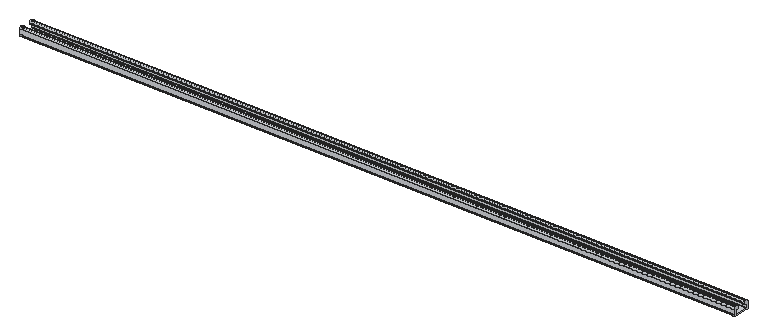
Revit family "P4100 T", category Specialty Equipment, Revit 2012
Parameters (values of type "P4100 T")
  ecoScorecard_data = ""
  ecoScorecard Product Page = ""
  Weight Per Foot = 0.87 lbf/ft
  Unit = none
  URL = "http://unistrut.us/index.php"
  Subcategory = "1 5/8\" Channels"
  Product Page URL = "\"http://unistrut.us/index.php?WP=cat_detail&S=S05&P=P4100t\""
  Part Type = "Channel"  # constant formula
  Part Number = ""
  Overall Width = 1 5/8"  # constant formula
  Overall Height = 7/8"  # constant formula
  Model = "P4100 T"  # constant formula
  Material = "Multiple Options - See Catalog"
  Manufacturer Toll Free Phone = "800-882-5543"  # constant formula
  Manufacturer Phone = "708-339-1610"  # constant formula
  Manufacturer Fax = "708-339-7814"  # constant formula
  Manufacturer Email = "mailto:jshaw@atkore.com"
  Manufacturer Address = "16100 South Lathrop Avenue, Harvey, IL 60426"  # constant formula
  Manufacturer = "Unistrut by Atkore International"  # constant formula
  Load Capacity Note = "Visit the product page for load application and capacity."  # constant formula
  Literature URL = "http://unistrut.us/index.php?WP=LItLibrary"
  Length [instance] = 72"
  Hole Radius = Hole Diameter / 2  # 9/32"
  Hole Diameter = 9/16"  # constant formula
  Gauge Thickness = "12 Gauge (.105”)"  # constant formula
  Description = "P4100 T Channel"  # constant formula
  Cost Info = "mailto:questions@atkore.com"
  Construction Note = "Slots are 11⁄8\" x 9⁄16\" @ 2\" on Center"
  CSI MasterSpec = "http://www.unistrut.us/a_files/TechRef/Unistrut_CSI_05430.pdf"
  CAD URL = "http://unistrut.us/index.php?WP=CAD3d"
  Assembly Code = "D5020100"
  95 CSI = "16070"  # constant formula
  04 CSI = "26 05 48"  # constant formula
Reference planes (in)
  plane 1 "Center (Front/Back)": y = 0
  plane 2: z = 0
  plane 3 "Center (Left/Right)": x = 0
  plane 4: y = 0.8125
  plane 5: y = -0.8125
  plane 6: z = 0.875
  plane 7: x = -36
  plane 8: x = 36
  plane 9: z = 0.8125
Dimensions and locks (in)
  "Overall Width": plane 4 to plane 5
  equal spacing: plane 4, plane 1 "Center (Front/Back)", plane 5
  "Overall Height": plane 6 to level
  "Length": plane 7 to plane 8
  equal spacing: plane 7, plane 3 "Center (Left/Right)", plane 8
  aligned and locked: level to plane 2
  aligned and locked: plane 1 "Center (Front/Back)" to nested 1
  aligned and locked: plane 3 "Center (Left/Right)" to nested 1
Nested families (in)
  nested 1: "4100 T" at (0, 0, 0), type "4100 T"
Definition of nested family "4100 T"
  Parameters (values of type "4100 T")
    Width = 1 5/8"
    Unit = none
    Length = 72"
    Hole Spacing On Center = 2"
    Hole Spacing From End = 1"
    Hole Radius = 9/32"
    Height = 7/8"
    # Of Array = (Length - Hole Spacing From End * 2) / Hole Spacing On Center + 1  # 36
  Reference planes (in)
    plane 1 "Center (Front/Back)": y = 0
    plane 2: z = 0
    plane 3 "Center (Left/Right)": x = 0
    plane 4: x = -36
    plane 5: x = 36
    plane 6: y = 0.8125
    plane 7: y = -0.8125
    plane 8: x = -33
    plane 9: z = 0.40625
    plane 10: z = 0.105
    plane 11: x = -35
    plane 12: z = 0.105
    plane 13: z = 0.8125
  Forms (in)
    Sweep 1, solid, material <- "Unit", detail levels fine
      path origin (0, 0, 0) x (1, 0, 0) y (0, 1, 0)
        loop
          line (-36, 0) -> (36, 0)
      profile origin (0, 0, 0) x (0, 1, 0) y (0, 0, 1)
        loop
          line (-0.7075, 0.13625) -> (-0.7075, 0.61375)
          arc (-0.7075, 0.61375) -> (-0.68004, 0.68004) -> (-0.61375, 0.7075) r 0.09375
          line (-0.61375, 0.7075) -> (-0.57375, 0.7075)
          arc (-0.57375, 0.7075) -> (-0.55165, 0.69835) -> (-0.5425, 0.67625) r 0.03125
          line (-0.5425, 0.67625) -> (-0.5425, 0.584)
          arc (-0.5425, 0.584) -> (-0.49, 0.5315) -> (-0.4375, 0.584) r 0.0525
          line (-0.4375, 0.584) -> (-0.4375, 0.67625)
          arc (-0.4375, 0.67625) -> (-0.47741, 0.77259) -> (-0.57375, 0.8125) r 0.13625
          line (-0.57375, 0.8125) -> (-0.61375, 0.8125)
          arc (-0.61375, 0.8125) -> (-0.75429, 0.75429) -> (-0.8125, 0.61375) r 0.19875
          line (-0.8125, 0.61375) -> (-0.8125, 0.13625)
          arc (-0.8125, 0.13625) -> (-0.77259, 0.03991) -> (-0.67625, 0) r 0.13625
          line (-0.67625, 0) -> (0.67625, 0)
          arc (0.67625, 0) -> (0.77259, 0.03991) -> (0.8125, 0.13625) r 0.13625
          line (0.8125, 0.13625) -> (0.8125, 0.61375)
          arc (0.8125, 0.61375) -> (0.75429, 0.75429) -> (0.61375, 0.8125) r 0.19875
          line (0.61375, 0.8125) -> (0.57375, 0.8125)
          arc (0.57375, 0.8125) -> (0.47741, 0.77259) -> (0.4375, 0.67625) r 0.13625
          line (0.4375, 0.67625) -> (0.4375, 0.584)
          arc (0.4375, 0.584) -> (0.49, 0.5315) -> (0.5425, 0.584) r 0.0525
          line (0.5425, 0.584) -> (0.5425, 0.67625)
          arc (0.5425, 0.67625) -> (0.55165, 0.69835) -> (0.57375, 0.7075) r 0.03125
          line (0.57375, 0.7075) -> (0.61375, 0.7075)
          arc (0.61375, 0.7075) -> (0.68004, 0.68004) -> (0.7075, 0.61375) r 0.09375
          line (0.7075, 0.61375) -> (0.7075, 0.13625)
          arc (0.7075, 0.13625) -> (0.69835, 0.11415) -> (0.67625, 0.105) r 0.03125
          line (0.67625, 0.105) -> (-0.67625, 0.105)
          arc (-0.67625, 0.105) -> (-0.69835, 0.11415) -> (-0.7075, 0.13625) r 0.03125
    Extrusion 2, void
      sketch origin (-94, 0, 0) x (1, 0, 0) y (0, 1, 0)
        loop
          arc (59.28125, -0.28125) -> (59.5625, 0) -> (59.28125, 0.28125) r 0.28125
          line (59.28125, 0.28125) -> (58.71875, 0.28125)
          arc (58.71875, 0.28125) -> (58.4375, 0) -> (58.71875, -0.28125) r 0.28125
          line (58.71875, -0.28125) -> (59.28125, -0.28125)
      from 0 to 0.105
    Extrusion 3, void
      sketch origin (-92, 0, 0) x (1, 0, 0) y (0, 1, 0)
        loop
          arc (59.28125, -0.28125) -> (59.5625, 0) -> (59.28125, 0.28125) r 0.28125
          line (59.28125, 0.28125) -> (58.71875, 0.28125)
          arc (58.71875, 0.28125) -> (58.4375, 0) -> (58.71875, -0.28125) r 0.28125
          line (58.71875, -0.28125) -> (59.28125, -0.28125)
      from 0 to 0.105
    Extrusion 4, void
      sketch origin (-90, 0, 0) x (1, 0, 0) y (0, 1, 0)
        loop
          arc (59.28125, -0.28125) -> (59.5625, 0) -> (59.28125, 0.28125) r 0.28125
          line (59.28125, 0.28125) -> (58.71875, 0.28125)
          arc (58.71875, 0.28125) -> (58.4375, 0) -> (58.71875, -0.28125) r 0.28125
          line (58.71875, -0.28125) -> (59.28125, -0.28125)
      from 0 to 0.105
    Extrusion 5, void
      sketch origin (-88, 0, 0) x (1, 0, 0) y (0, 1, 0)
        loop
          arc (59.28125, -0.28125) -> (59.5625, 0) -> (59.28125, 0.28125) r 0.28125
          line (59.28125, 0.28125) -> (58.71875, 0.28125)
          arc (58.71875, 0.28125) -> (58.4375, 0) -> (58.71875, -0.28125) r 0.28125
          line (58.71875, -0.28125) -> (59.28125, -0.28125)
      from 0 to 0.105
    Extrusion 6, void
      sketch origin (-86, 0, 0) x (1, 0, 0) y (0, 1, 0)
        loop
          arc (59.28125, -0.28125) -> (59.5625, 0) -> (59.28125, 0.28125) r 0.28125
          line (59.28125, 0.28125) -> (58.71875, 0.28125)
          arc (58.71875, 0.28125) -> (58.4375, 0) -> (58.71875, -0.28125) r 0.28125
          line (58.71875, -0.28125) -> (59.28125, -0.28125)
      from 0 to 0.105
    Extrusion 7, void
      sketch origin (-84, 0, 0) x (1, 0, 0) y (0, 1, 0)
        loop
          arc (59.28125, -0.28125) -> (59.5625, 0) -> (59.28125, 0.28125) r 0.28125
          line (59.28125, 0.28125) -> (58.71875, 0.28125)
          arc (58.71875, 0.28125) -> (58.4375, 0) -> (58.71875, -0.28125) r 0.28125
          line (58.71875, -0.28125) -> (59.28125, -0.28125)
      from 0 to 0.105
    Extrusion 8, void
      sketch origin (-82, 0, 0) x (1, 0, 0) y (0, 1, 0)
        loop
          arc (59.28125, -0.28125) -> (59.5625, 0) -> (59.28125, 0.28125) r 0.28125
          line (59.28125, 0.28125) -> (58.71875, 0.28125)
          arc (58.71875, 0.28125) -> (58.4375, 0) -> (58.71875, -0.28125) r 0.28125
          line (58.71875, -0.28125) -> (59.28125, -0.28125)
      from 0 to 0.105
    Extrusion 9, void
      sketch origin (-80, 0, 0) x (1, 0, 0) y (0, 1, 0)
        loop
          arc (59.28125, -0.28125) -> (59.5625, 0) -> (59.28125, 0.28125) r 0.28125
          line (59.28125, 0.28125) -> (58.71875, 0.28125)
          arc (58.71875, 0.28125) -> (58.4375, 0) -> (58.71875, -0.28125) r 0.28125
          line (58.71875, -0.28125) -> (59.28125, -0.28125)
      from 0 to 0.105
    Extrusion 10, void
      sketch origin (-78, 0, 0) x (1, 0, 0) y (0, 1, 0)
        loop
          arc (59.28125, -0.28125) -> (59.5625, 0) -> (59.28125, 0.28125) r 0.28125
          line (59.28125, 0.28125) -> (58.71875, 0.28125)
          arc (58.71875, 0.28125) -> (58.4375, 0) -> (58.71875, -0.28125) r 0.28125
          line (58.71875, -0.28125) -> (59.28125, -0.28125)
      from 0 to 0.105
    Extrusion 11, void
      sketch origin (-76, 0, 0) x (1, 0, 0) y (0, 1, 0)
        loop
          arc (59.28125, -0.28125) -> (59.5625, 0) -> (59.28125, 0.28125) r 0.28125
          line (59.28125, 0.28125) -> (58.71875, 0.28125)
          arc (58.71875, 0.28125) -> (58.4375, 0) -> (58.71875, -0.28125) r 0.28125
          line (58.71875, -0.28125) -> (59.28125, -0.28125)
      from 0 to 0.105
    Extrusion 12, void
      sketch origin (-74, 0, 0) x (1, 0, 0) y (0, 1, 0)
        loop
          arc (59.28125, -0.28125) -> (59.5625, 0) -> (59.28125, 0.28125) r 0.28125
          line (59.28125, 0.28125) -> (58.71875, 0.28125)
          arc (58.71875, 0.28125) -> (58.4375, 0) -> (58.71875, -0.28125) r 0.28125
          line (58.71875, -0.28125) -> (59.28125, -0.28125)
      from 0 to 0.105
    Extrusion 13, void
      sketch origin (-72, 0, 0) x (1, 0, 0) y (0, 1, 0)
        loop
          arc (59.28125, -0.28125) -> (59.5625, 0) -> (59.28125, 0.28125) r 0.28125
          line (59.28125, 0.28125) -> (58.71875, 0.28125)
          arc (58.71875, 0.28125) -> (58.4375, 0) -> (58.71875, -0.28125) r 0.28125
          line (58.71875, -0.28125) -> (59.28125, -0.28125)
      from 0 to 0.105
    Extrusion 14, void
      sketch origin (-70, 0, 0) x (1, 0, 0) y (0, 1, 0)
        loop
          arc (59.28125, -0.28125) -> (59.5625, 0) -> (59.28125, 0.28125) r 0.28125
          line (59.28125, 0.28125) -> (58.71875, 0.28125)
          arc (58.71875, 0.28125) -> (58.4375, 0) -> (58.71875, -0.28125) r 0.28125
          line (58.71875, -0.28125) -> (59.28125, -0.28125)
      from 0 to 0.105
    Extrusion 15, void
      sketch origin (-68, 0, 0) x (1, 0, 0) y (0, 1, 0)
        loop
          arc (59.28125, -0.28125) -> (59.5625, 0) -> (59.28125, 0.28125) r 0.28125
          line (59.28125, 0.28125) -> (58.71875, 0.28125)
          arc (58.71875, 0.28125) -> (58.4375, 0) -> (58.71875, -0.28125) r 0.28125
          line (58.71875, -0.28125) -> (59.28125, -0.28125)
      from 0 to 0.105
    Extrusion 16, void
      sketch origin (-66, 0, 0) x (1, 0, 0) y (0, 1, 0)
        loop
          arc (59.28125, -0.28125) -> (59.5625, 0) -> (59.28125, 0.28125) r 0.28125
          line (59.28125, 0.28125) -> (58.71875, 0.28125)
          arc (58.71875, 0.28125) -> (58.4375, 0) -> (58.71875, -0.28125) r 0.28125
          line (58.71875, -0.28125) -> (59.28125, -0.28125)
      from 0 to 0.105
    Extrusion 17, void
      sketch origin (-64, 0, 0) x (1, 0, 0) y (0, 1, 0)
        loop
          arc (59.28125, -0.28125) -> (59.5625, 0) -> (59.28125, 0.28125) r 0.28125
          line (59.28125, 0.28125) -> (58.71875, 0.28125)
          arc (58.71875, 0.28125) -> (58.4375, 0) -> (58.71875, -0.28125) r 0.28125
          line (58.71875, -0.28125) -> (59.28125, -0.28125)
      from 0 to 0.105
    Extrusion 18, void
      sketch origin (-62, 0, 0) x (1, 0, 0) y (0, 1, 0)
        loop
          arc (59.28125, -0.28125) -> (59.5625, 0) -> (59.28125, 0.28125) r 0.28125
          line (59.28125, 0.28125) -> (58.71875, 0.28125)
          arc (58.71875, 0.28125) -> (58.4375, 0) -> (58.71875, -0.28125) r 0.28125
          line (58.71875, -0.28125) -> (59.28125, -0.28125)
      from 0 to 0.105
    Extrusion 19, void
      sketch origin (-60, 0, 0) x (1, 0, 0) y (0, 1, 0)
        loop
          arc (59.28125, -0.28125) -> (59.5625, 0) -> (59.28125, 0.28125) r 0.28125
          line (59.28125, 0.28125) -> (58.71875, 0.28125)
          arc (58.71875, 0.28125) -> (58.4375, 0) -> (58.71875, -0.28125) r 0.28125
          line (58.71875, -0.28125) -> (59.28125, -0.28125)
      from 0 to 0.105
    Extrusion 20, void
      sketch origin (-58, 0, 0) x (1, 0, 0) y (0, 1, 0)
        loop
          arc (59.28125, -0.28125) -> (59.5625, 0) -> (59.28125, 0.28125) r 0.28125
          line (59.28125, 0.28125) -> (58.71875, 0.28125)
          arc (58.71875, 0.28125) -> (58.4375, 0) -> (58.71875, -0.28125) r 0.28125
          line (58.71875, -0.28125) -> (59.28125, -0.28125)
      from 0 to 0.105
    Extrusion 21, void
      sketch origin (-56, 0, 0) x (1, 0, 0) y (0, 1, 0)
        loop
          arc (59.28125, -0.28125) -> (59.5625, 0) -> (59.28125, 0.28125) r 0.28125
          line (59.28125, 0.28125) -> (58.71875, 0.28125)
          arc (58.71875, 0.28125) -> (58.4375, 0) -> (58.71875, -0.28125) r 0.28125
          line (58.71875, -0.28125) -> (59.28125, -0.28125)
      from 0 to 0.105
    Extrusion 22, void
      sketch origin (-54, 0, 0) x (1, 0, 0) y (0, 1, 0)
        loop
          arc (59.28125, -0.28125) -> (59.5625, 0) -> (59.28125, 0.28125) r 0.28125
          line (59.28125, 0.28125) -> (58.71875, 0.28125)
          arc (58.71875, 0.28125) -> (58.4375, 0) -> (58.71875, -0.28125) r 0.28125
          line (58.71875, -0.28125) -> (59.28125, -0.28125)
      from 0 to 0.105
    Extrusion 23, void
      sketch origin (-52, 0, 0) x (1, 0, 0) y (0, 1, 0)
        loop
          arc (59.28125, -0.28125) -> (59.5625, 0) -> (59.28125, 0.28125) r 0.28125
          line (59.28125, 0.28125) -> (58.71875, 0.28125)
          arc (58.71875, 0.28125) -> (58.4375, 0) -> (58.71875, -0.28125) r 0.28125
          line (58.71875, -0.28125) -> (59.28125, -0.28125)
      from 0 to 0.105
    Extrusion 24, void
      sketch origin (-50, 0, 0) x (1, 0, 0) y (0, 1, 0)
        loop
          arc (59.28125, -0.28125) -> (59.5625, 0) -> (59.28125, 0.28125) r 0.28125
          line (59.28125, 0.28125) -> (58.71875, 0.28125)
          arc (58.71875, 0.28125) -> (58.4375, 0) -> (58.71875, -0.28125) r 0.28125
          line (58.71875, -0.28125) -> (59.28125, -0.28125)
      from 0 to 0.105
    Extrusion 25, void
      sketch origin (-48, 0, 0) x (1, 0, 0) y (0, 1, 0)
        loop
          arc (59.28125, -0.28125) -> (59.5625, 0) -> (59.28125, 0.28125) r 0.28125
          line (59.28125, 0.28125) -> (58.71875, 0.28125)
          arc (58.71875, 0.28125) -> (58.4375, 0) -> (58.71875, -0.28125) r 0.28125
          line (58.71875, -0.28125) -> (59.28125, -0.28125)
      from 0 to 0.105
    Extrusion 26, void
      sketch origin (-46, 0, 0) x (1, 0, 0) y (0, 1, 0)
        loop
          arc (59.28125, -0.28125) -> (59.5625, 0) -> (59.28125, 0.28125) r 0.28125
          line (59.28125, 0.28125) -> (58.71875, 0.28125)
          arc (58.71875, 0.28125) -> (58.4375, 0) -> (58.71875, -0.28125) r 0.28125
          line (58.71875, -0.28125) -> (59.28125, -0.28125)
      from 0 to 0.105
    Extrusion 27, void
      sketch origin (-44, 0, 0) x (1, 0, 0) y (0, 1, 0)
        loop
          arc (59.28125, -0.28125) -> (59.5625, 0) -> (59.28125, 0.28125) r 0.28125
          line (59.28125, 0.28125) -> (58.71875, 0.28125)
          arc (58.71875, 0.28125) -> (58.4375, 0) -> (58.71875, -0.28125) r 0.28125
          line (58.71875, -0.28125) -> (59.28125, -0.28125)
      from 0 to 0.105
    Extrusion 28, void
      sketch origin (-42, 0, 0) x (1, 0, 0) y (0, 1, 0)
        loop
          arc (59.28125, -0.28125) -> (59.5625, 0) -> (59.28125, 0.28125) r 0.28125
          line (59.28125, 0.28125) -> (58.71875, 0.28125)
          arc (58.71875, 0.28125) -> (58.4375, 0) -> (58.71875, -0.28125) r 0.28125
          line (58.71875, -0.28125) -> (59.28125, -0.28125)
      from 0 to 0.105
    Extrusion 29, void
      sketch origin (-40, 0, 0) x (1, 0, 0) y (0, 1, 0)
        loop
          arc (59.28125, -0.28125) -> (59.5625, 0) -> (59.28125, 0.28125) r 0.28125
          line (59.28125, 0.28125) -> (58.71875, 0.28125)
          arc (58.71875, 0.28125) -> (58.4375, 0) -> (58.71875, -0.28125) r 0.28125
          line (58.71875, -0.28125) -> (59.28125, -0.28125)
      from 0 to 0.105
    Extrusion 30, void
      sketch origin (-38, 0, 0) x (1, 0, 0) y (0, 1, 0)
        loop
          arc (59.28125, -0.28125) -> (59.5625, 0) -> (59.28125, 0.28125) r 0.28125
          line (59.28125, 0.28125) -> (58.71875, 0.28125)
          arc (58.71875, 0.28125) -> (58.4375, 0) -> (58.71875, -0.28125) r 0.28125
          line (58.71875, -0.28125) -> (59.28125, -0.28125)
      from 0 to 0.105
    Extrusion 31, void
      sketch origin (-36, 0, 0) x (1, 0, 0) y (0, 1, 0)
        loop
          arc (59.28125, -0.28125) -> (59.5625, 0) -> (59.28125, 0.28125) r 0.28125
          line (59.28125, 0.28125) -> (58.71875, 0.28125)
          arc (58.71875, 0.28125) -> (58.4375, 0) -> (58.71875, -0.28125) r 0.28125
          line (58.71875, -0.28125) -> (59.28125, -0.28125)
      from 0 to 0.105
    Extrusion 32, void
      sketch origin (-34, 0, 0) x (1, 0, 0) y (0, 1, 0)
        loop
          arc (59.28125, -0.28125) -> (59.5625, 0) -> (59.28125, 0.28125) r 0.28125
          line (59.28125, 0.28125) -> (58.71875, 0.28125)
          arc (58.71875, 0.28125) -> (58.4375, 0) -> (58.71875, -0.28125) r 0.28125
          line (58.71875, -0.28125) -> (59.28125, -0.28125)
      from 0 to 0.105
    Extrusion 33, void
      sketch origin (-32, 0, 0) x (1, 0, 0) y (0, 1, 0)
        loop
          arc (59.28125, -0.28125) -> (59.5625, 0) -> (59.28125, 0.28125) r 0.28125
          line (59.28125, 0.28125) -> (58.71875, 0.28125)
          arc (58.71875, 0.28125) -> (58.4375, 0) -> (58.71875, -0.28125) r 0.28125
          line (58.71875, -0.28125) -> (59.28125, -0.28125)
      from 0 to 0.105
    Extrusion 34, void
      sketch origin (-30, 0, 0) x (1, 0, 0) y (0, 1, 0)
        loop
          arc (59.28125, -0.28125) -> (59.5625, 0) -> (59.28125, 0.28125) r 0.28125
          line (59.28125, 0.28125) -> (58.71875, 0.28125)
          arc (58.71875, 0.28125) -> (58.4375, 0) -> (58.71875, -0.28125) r 0.28125
          line (58.71875, -0.28125) -> (59.28125, -0.28125)
      from 0 to 0.105
    Extrusion 35, void
      sketch origin (-28, 0, 0) x (1, 0, 0) y (0, 1, 0)
        loop
          arc (59.28125, -0.28125) -> (59.5625, 0) -> (59.28125, 0.28125) r 0.28125
          line (59.28125, 0.28125) -> (58.71875, 0.28125)
          arc (58.71875, 0.28125) -> (58.4375, 0) -> (58.71875, -0.28125) r 0.28125
          line (58.71875, -0.28125) -> (59.28125, -0.28125)
      from 0 to 0.105
    Extrusion 36, void
      sketch origin (-26, 0, 0) x (1, 0, 0) y (0, 1, 0)
        loop
          arc (59.28125, -0.28125) -> (59.5625, 0) -> (59.28125, 0.28125) r 0.28125
          line (59.28125, 0.28125) -> (58.71875, 0.28125)
          arc (58.71875, 0.28125) -> (58.4375, 0) -> (58.71875, -0.28125) r 0.28125
          line (58.71875, -0.28125) -> (59.28125, -0.28125)
      from 0 to 0.105
    Extrusion 37, void
      sketch origin (-24, 0, 0) x (1, 0, 0) y (0, 1, 0)
        loop
          arc (59.28125, -0.28125) -> (59.5625, 0) -> (59.28125, 0.28125) r 0.28125
          line (59.28125, 0.28125) -> (58.71875, 0.28125)
          arc (58.71875, 0.28125) -> (58.4375, 0) -> (58.71875, -0.28125) r 0.28125
          line (58.71875, -0.28125) -> (59.28125, -0.28125)
      from 0 to 0.105
  Cuts and joins
    Extrusion 2, Extrusion 3, Extrusion 4, Extrusion 5, Extrusion 6, Extrusion 7, Extrusion 8, Extrusion 9, Extrusion 10, Extrusion 11, Extrusion 12, Extrusion 13, Extrusion 14, Extrusion 15, Extrusion 16, Extrusion 17, Extrusion 18, Extrusion 19, Extrusion 20, Extrusion 21, Extrusion 22, Extrusion 23, Extrusion 24, Extrusion 25, Extrusion 26, Extrusion 27, Extrusion 28, Extrusion 29, Extrusion 30, Extrusion 31, Extrusion 32, Extrusion 33, Extrusion 34, Extrusion 35, Extrusion 36, Extrusion 37 cuts Sweep 1
  Lines and regions (in)
    symbolic lines, style "Channel"
      curve 1: line (-36, 0.8125, 0) -> (36, 0.8125, 0)
      curve 2: line (-36, -0.8125, 0) -> (-36, 0.8125, 0)
      curve 3: line (36, -0.8125, 0) -> (-36, -0.8125, 0)
      curve 4: line (36, 0.8125, 0) -> (36, -0.8125, 0)
    symbolic lines, style "Channel", detail levels fine
      curve 5: line (-36, 0.43915, 0) -> (36, 0.43915, 0)
      curve 6: line (-36, -0.4375, 0) -> (36, -0.4375, 0)
  Dimensions and locks (in)
    equal spacing: plane 7, plane 1 "Center (Front/Back)", plane 6
    equal spacing: plane 4, plane 3 "Center (Left/Right)", plane 5
    "Length": plane 4 to plane 5
    "Hole Spacing On Center": plane 11 to plane 8
    "Hole Spacing From End": plane 4 to plane 11
    locked: plane 12 to level at 0.105
    equal spacing: group 1, group 2, group 3, group 4, group 5, group 6, group 7, group 8, group 9, group 10, group 11, group 12, group 13, group 14, group 15, group 16, group 17, group 18, group 19, group 20, group 21, group 22, group 23, group 24, group 25, group 26, group 27, group 28, group 29, group 30, group 31, group 32, group 33, group 34, group 35, group 36  (x3)
    plane 13 to level = 13/16"
    aligned and locked: level to plane 2
    aligned and locked: plane 4 to Sweep 1 sketch curve
    aligned and locked: plane 5 to Sweep 1 sketch curve
    aligned and locked: plane 1 "Center (Front/Back)" to Sweep 1 sketch curve
    aligned and locked: curve 1 to Sweep 1
    aligned and locked: curve 3 to Sweep 1
    aligned and locked: curve 4 to Sweep 1
    aligned and locked: plane 5 to curve 5
    aligned and locked: plane 3 "Center (Left/Right)" to nested 1
    aligned and locked: plane 1 "Center (Front/Back)" to nested 1
    aligned and locked: plane 12 to nested 2
    aligned and locked: plane 11 to nested 2
    aligned and locked: plane 8 to nested 3
    aligned and locked: nested 3 to plane 1 "Center (Front/Back)"
    aligned and locked: nested 2 to plane 1 "Center (Front/Back)"
  Automatic sketch dimensions
    Sweep 1 sketch curve to Sweep 1 sketch curve = 0"  (x12)
    Sweep 1 sketch curve to level = 0"
    profile plane to Sweep 1 sketch curve = 13/16"
    Sweep 1 sketch curve to Sweep 1 sketch curve = 0.105"
    Sweep 1 sketch curve to Sweep 1 sketch curve = 1/32"  (x3)
    Sweep 1 sketch curve to Sweep 1 sketch curve = 3/32"
    Sweep 1 sketch curve to Sweep 1 sketch curve = 0.04"  (x2)
    Sweep 1 sketch curve to profile plane = 7/16"
    level to Sweep 1 sketch curve = 0.13625"
    Sweep 1 sketch curve to Sweep 1 sketch curve = 0.13375"
    Sweep 1 sketch curve to Sweep 1 sketch curve = 0.44775"  (x2)
    Sweep 1 sketch curve to Sweep 1 sketch curve = 0.02975"  (x2)
    curve 6 to plane 4 = 0"
    curve 6 to plane 7 = 3/8"
    curve 5 to curve 1 = 0.37335"
    Extrusion 2 sketch curve to Extrusion 2 sketch curve = 9/16"
    Extrusion 3 sketch curve to Extrusion 3 sketch curve = 9/16"
    Extrusion 4 sketch curve to Extrusion 4 sketch curve = 9/16"
    Extrusion 5 sketch curve to Extrusion 5 sketch curve = 9/16"
    Extrusion 6 sketch curve to Extrusion 6 sketch curve = 9/16"
    Extrusion 7 sketch curve to Extrusion 7 sketch curve = 9/16"
    Extrusion 8 sketch curve to Extrusion 8 sketch curve = 9/16"
    Extrusion 9 sketch curve to Extrusion 9 sketch curve = 9/16"
    Extrusion 10 sketch curve to Extrusion 10 sketch curve = 9/16"
    Extrusion 11 sketch curve to Extrusion 11 sketch curve = 9/16"
    Extrusion 12 sketch curve to Extrusion 12 sketch curve = 9/16"
    Extrusion 13 sketch curve to Extrusion 13 sketch curve = 9/16"
    Extrusion 14 sketch curve to Extrusion 14 sketch curve = 9/16"
    Extrusion 15 sketch curve to Extrusion 15 sketch curve = 9/16"
    Extrusion 16 sketch curve to Extrusion 16 sketch curve = 9/16"
    Extrusion 17 sketch curve to Extrusion 17 sketch curve = 9/16"
    Extrusion 18 sketch curve to Extrusion 18 sketch curve = 9/16"
    Extrusion 19 sketch curve to Extrusion 19 sketch curve = 9/16"
    Extrusion 20 sketch curve to Extrusion 20 sketch curve = 9/16"
    Extrusion 21 sketch curve to Extrusion 21 sketch curve = 9/16"
    Extrusion 22 sketch curve to Extrusion 22 sketch curve = 9/16"
    Extrusion 23 sketch curve to Extrusion 23 sketch curve = 9/16"
    Extrusion 24 sketch curve to Extrusion 24 sketch curve = 9/16"
    Extrusion 25 sketch curve to Extrusion 25 sketch curve = 9/16"
    Extrusion 26 sketch curve to Extrusion 26 sketch curve = 9/16"
    Extrusion 27 sketch curve to Extrusion 27 sketch curve = 9/16"
    Extrusion 28 sketch curve to Extrusion 28 sketch curve = 9/16"
    Extrusion 29 sketch curve to Extrusion 29 sketch curve = 9/16"
    Extrusion 30 sketch curve to Extrusion 30 sketch curve = 9/16"
    Extrusion 31 sketch curve to Extrusion 31 sketch curve = 9/16"
    Extrusion 32 sketch curve to Extrusion 32 sketch curve = 9/16"
    Extrusion 33 sketch curve to Extrusion 33 sketch curve = 9/16"
    Extrusion 34 sketch curve to Extrusion 34 sketch curve = 9/16"
    Extrusion 35 sketch curve to Extrusion 35 sketch curve = 9/16"
    Extrusion 36 sketch curve to Extrusion 36 sketch curve = 9/16"
    Extrusion 37 sketch curve to Extrusion 37 sketch curve = 9/16"
    Extrusion 2 sketch curve to Extrusion 2 sketch curve = 9/32"
    Extrusion 3 sketch curve to Extrusion 3 sketch curve = 9/32"
    Extrusion 4 sketch curve to Extrusion 4 sketch curve = 9/32"
    Extrusion 5 sketch curve to Extrusion 5 sketch curve = 9/32"
    Extrusion 6 sketch curve to Extrusion 6 sketch curve = 9/32"
    Extrusion 7 sketch curve to Extrusion 7 sketch curve = 9/32"
    Extrusion 8 sketch curve to Extrusion 8 sketch curve = 9/32"
    Extrusion 9 sketch curve to Extrusion 9 sketch curve = 9/32"
    Extrusion 10 sketch curve to Extrusion 10 sketch curve = 9/32"
    Extrusion 11 sketch curve to Extrusion 11 sketch curve = 9/32"
    Extrusion 12 sketch curve to Extrusion 12 sketch curve = 9/32"
    Extrusion 13 sketch curve to Extrusion 13 sketch curve = 9/32"
    Extrusion 14 sketch curve to Extrusion 14 sketch curve = 9/32"
    Extrusion 15 sketch curve to Extrusion 15 sketch curve = 9/32"
    Extrusion 16 sketch curve to Extrusion 16 sketch curve = 9/32"
    Extrusion 17 sketch curve to Extrusion 17 sketch curve = 9/32"
    Extrusion 18 sketch curve to Extrusion 18 sketch curve = 9/32"
    Extrusion 19 sketch curve to Extrusion 19 sketch curve = 9/32"
    Extrusion 20 sketch curve to Extrusion 20 sketch curve = 9/32"
    Extrusion 21 sketch curve to Extrusion 21 sketch curve = 9/32"
    Extrusion 22 sketch curve to Extrusion 22 sketch curve = 9/32"
    Extrusion 23 sketch curve to Extrusion 23 sketch curve = 9/32"
    Extrusion 24 sketch curve to Extrusion 24 sketch curve = 9/32"
    Extrusion 25 sketch curve to Extrusion 25 sketch curve = 9/32"
    Extrusion 26 sketch curve to Extrusion 26 sketch curve = 9/32"
    Extrusion 27 sketch curve to Extrusion 27 sketch curve = 9/32"
    Extrusion 28 sketch curve to Extrusion 28 sketch curve = 9/32"
    Extrusion 29 sketch curve to Extrusion 29 sketch curve = 9/32"
    Extrusion 30 sketch curve to Extrusion 30 sketch curve = 9/32"
    Extrusion 31 sketch curve to Extrusion 31 sketch curve = 9/32"
    Extrusion 32 sketch curve to Extrusion 32 sketch curve = 9/32"
    Extrusion 33 sketch curve to Extrusion 33 sketch curve = 9/32"
    Extrusion 34 sketch curve to Extrusion 34 sketch curve = 9/32"
    Extrusion 35 sketch curve to Extrusion 35 sketch curve = 9/32"
    Extrusion 36 sketch curve to Extrusion 36 sketch curve = 9/32"
    Extrusion 37 sketch curve to Extrusion 37 sketch curve = 9/32"
  Nested families (in)
    nested 1: "HS Coarse" at (0, 0, 0), type "HS Coarse", detail levels coarse+medium
    nested 2: "Model Line" at (-35, 0, 0.105) x (0, 1, 0) z (0, 0, 1), type "Model Line"
    nested 3: "Model Line" at (-33, 0, 0.105) x (0, 1, 0) z (0, 0, 1), type "Model Line"
    nested 4: "Model Line" at (-31, 0, 0.105) x (0, 1, 0) z (0, 0, 1), type "Model Line"
    nested 5: "Model Line" at (-29, 0, 0.105) x (0, 1, 0) z (0, 0, 1), type "Model Line"
    nested 6: "Model Line" at (-27, 0, 0.105) x (0, 1, 0) z (0, 0, 1), type "Model Line"
    nested 7: "Model Line" at (-25, 0, 0.105) x (0, 1, 0) z (0, 0, 1), type "Model Line"
    nested 8: "Model Line" at (-23, 0, 0.105) x (0, 1, 0) z (0, 0, 1), type "Model Line"
    nested 9: "Model Line" at (-21, 0, 0.105) x (0, 1, 0) z (0, 0, 1), type "Model Line"
    nested 10: "Model Line" at (-19, 0, 0.105) x (0, 1, 0) z (0, 0, 1), type "Model Line"
    nested 11: "Model Line" at (-17, 0, 0.105) x (0, 1, 0) z (0, 0, 1), type "Model Line"
    nested 12: "Model Line" at (-15, 0, 0.105) x (0, 1, 0) z (0, 0, 1), type "Model Line"
    nested 13: "Model Line" at (-13, 0, 0.105) x (0, 1, 0) z (0, 0, 1), type "Model Line"
    nested 14: "Model Line" at (-11, 0, 0.105) x (0, 1, 0) z (0, 0, 1), type "Model Line"
    nested 15: "Model Line" at (-9, 0, 0.105) x (0, 1, 0) z (0, 0, 1), type "Model Line"
    nested 16: "Model Line" at (-7, 0, 0.105) x (0, 1, 0) z (0, 0, 1), type "Model Line"
    nested 17: "Model Line" at (-5, 0, 0.105) x (0, 1, 0) z (0, 0, 1), type "Model Line"
    nested 18: "Model Line" at (-3, 0, 0.105) x (0, 1, 0) z (0, 0, 1), type "Model Line"
    nested 19: "Model Line" at (-1, 0, 0.105) x (0, 1, 0) z (0, 0, 1), type "Model Line"
    nested 20: "Model Line" at (1, 0, 0.105) x (0, 1, 0) z (0, 0, 1), type "Model Line"
    nested 21: "Model Line" at (3, 0, 0.105) x (0, 1, 0) z (0, 0, 1), type "Model Line"
    nested 22: "Model Line" at (5, 0, 0.105) x (0, 1, 0) z (0, 0, 1), type "Model Line"
    nested 23: "Model Line" at (7, 0, 0.105) x (0, 1, 0) z (0, 0, 1), type "Model Line"
    nested 24: "Model Line" at (9, 0, 0.105) x (0, 1, 0) z (0, 0, 1), type "Model Line"
    nested 25: "Model Line" at (11, 0, 0.105) x (0, 1, 0) z (0, 0, 1), type "Model Line"
    nested 26: "Model Line" at (13, 0, 0.105) x (0, 1, 0) z (0, 0, 1), type "Model Line"
    nested 27: "Model Line" at (15, 0, 0.105) x (0, 1, 0) z (0, 0, 1), type "Model Line"
    nested 28: "Model Line" at (17, 0, 0.105) x (0, 1, 0) z (0, 0, 1), type "Model Line"
    nested 29: "Model Line" at (19, 0, 0.105) x (0, 1, 0) z (0, 0, 1), type "Model Line"
    nested 30: "Model Line" at (21, 0, 0.105) x (0, 1, 0) z (0, 0, 1), type "Model Line"
    nested 31: "Model Line" at (23, 0, 0.105) x (0, 1, 0) z (0, 0, 1), type "Model Line"
    nested 32: "Model Line" at (25, 0, 0.105) x (0, 1, 0) z (0, 0, 1), type "Model Line"
    nested 33: "Model Line" at (27, 0, 0.105) x (0, 1, 0) z (0, 0, 1), type "Model Line"
    nested 34: "Model Line" at (29, 0, 0.105) x (0, 1, 0) z (0, 0, 1), type "Model Line"
    nested 35: "Model Line" at (31, 0, 0.105) x (0, 1, 0) z (0, 0, 1), type "Model Line"
    nested 36: "Model Line" at (33, 0, 0.105) x (0, 1, 0) z (0, 0, 1), type "Model Line"
    nested 37: "Model Line" at (35, 0, 0.105) x (0, 1, 0) z (0, 0, 1), type "Model Line"
  Definition of nested family "HS Coarse"
    Parameters (values of type "HS Coarse")
      Width = 1 5/8"
      Unit = none
      Length = 72"
      Hole Radius = 0.2815"
      Height = 7/8"
    Reference planes (in)
      plane 1 "Center (Front/Back)": y = 0
      plane 2: z = 0
      plane 3 "Center (Left/Right)": x = 0
      plane 4: z = 0.8125
      plane 5: x = -36
      plane 6: x = 36
      plane 7: y = 0.8125
      plane 8: y = -0.8125
      plane 9: x = -35.125
      plane 10: x = -33.25
      plane 11: z = 0.40625
    Forms (in)
      Sweep 1, solid, material <- "Unit"
        path origin (0, 0, 0) x (1, 0, 0) y (0, 1, 0)
          loop
            line (-36, 0) -> (36, 0)
        profile origin (0, 0, 0) x (0, 1, 0) y (0, 0, 1)
          loop
            line (-0.8125, 0.8125) -> (-0.8125, 0) -> (0.8125, 0) -> (0.8125, 0.8125) -> (-0.8125, 0.8125)
    Dimensions and locks (in)
      plane 4 to level = 13/16"
      equal spacing: plane 8, plane 1 "Center (Front/Back)", plane 7
      equal spacing: plane 5, plane 3 "Center (Left/Right)", plane 6
      "Length": plane 5 to plane 6
      plane 5 to plane 9 = 7/8"
      plane 9 to plane 10 = 1 7/8"
      aligned and locked: level to plane 2
      aligned and locked: plane 6 to Sweep 1 sketch curve
      aligned and locked: plane 5 to Sweep 1 sketch curve
      aligned and locked: plane 1 "Center (Front/Back)" to Sweep 1 sketch curve
    Automatic sketch dimensions
      Sweep 1 sketch curve to level = 0"
      profile plane to Sweep 1 sketch curve = 13/16"
      Sweep 1 sketch curve to profile plane = 13/16"
      Sweep 1 sketch curve to Sweep 1 sketch curve = 13/16"
  Definition of nested family "Model Line"
    Parameters (values of type "Model Line")
      Hole Radius = 9/32"
    Reference planes (in)
      plane 1 "Center (Front/Back)": y = 0
      plane 2: z = 0
      plane 3 "Center (Left/Right)": x = 0
      plane 4: y = 0.5625
      plane 5: y = -0.5625
    Lines and regions (in)
      model lines, style "Channel", detail levels fine
        curve 1: line (-0.28125, -0.28125, 0) -> (-0.28125, 0.28125, 0)
        curve 2: line (0.28125, 0.28125, 0) -> (0.28125, -0.28125, 0)
        curve 3: arc (-0.28125, 0.28125, 0) -> (0, 0.5625, 0) -> (0.28125, 0.28125, 0) r 0.28125
        curve 4: arc (-0.28125, -0.28125, 0) -> (0, -0.5625, 0) -> (0.28125, -0.28125, 0) r 0.28125
    Dimensions and locks (in)
      aligned and locked: plane 2 to level
